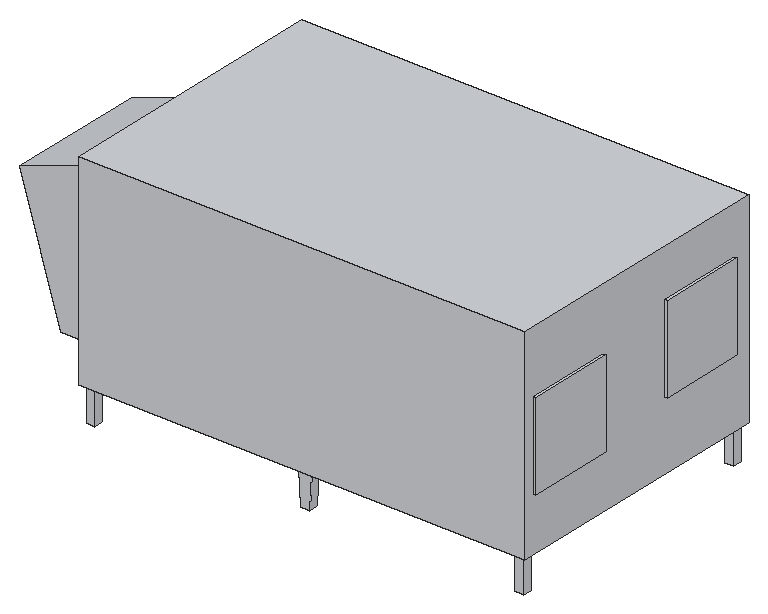
Revit family "Multi N DV6500N", category Mechanical Equipment, Revit 2013
Parameters
  Width mm = 2560 mm
  Warranty = "1 Year"
  Voltage Supply      Single Phase = "400v ac"
  Versatile positioning ,floor and ceiling susupended options = "Yes"
  Summer/Winter by-pass = "Yes"
  Summer By-pass = "Automatic 100%"
  Safety cut off switch Pressure sensors for filter monitoring = "Yes"
  Roof Top model = "Yes"
  Pre Heater = "option"
  Part number = "9041520"
  Model = "MULTI-N DV6500N"
  Meets Building regulations Pat L2A and L2B = "Yes"
  Max Air Volume  m3/hr = "7200"
  Lockable doors = "Yes"
  Interchangeable spigot connections = "Yes"
  Insulated Base Frame = "Yes"
  Humidity control (optional) = "Yes"
  Height mm = 1170 mm
  Heat Recovery = "<95%"
  Heat Exchanger = "Cross Counterflow"
  Frequency = "50Hz"
  Flow = 0.0 L/s
  Filter maintenance reminder = "Yes"
  Electronic control panel with LCD display = "Yes"
  EC motor for fine speed control and low SFP = "Yes"
  Double skinned insulated casing avoids thermal bridging = "Yes"
  Depth mm = 2500 mm
  Control Standard = "BMS/Internet"
  Control Optional .. = "Temperature"
  Control Optional . = "Co2"
  Control Optional = "Humidity"
  Carbon dioxide control (optional) = "Yes"
  Balanced supply and extract air ventilation with heat recovery = "Yes"
  BREEAM applicable = "Yes"
  Anti frost protection = "option"
  Air Filters = "M5 and F20"
  After Heater = "option"
  10 speed digital control and BMS and Internet control = "Yes"
Reference planes
  plane 1 "Center (Front/Back)": y = 0
  plane 2: z = 0
  plane 3 "Center (Left/Right)": x = 0
  plane 4: y = 802.5
  plane 5: y = -802.5
  plane 6: z = 1170
  plane 7: x = -1280
  plane 8: x = 1280
  plane 9: z = 315
  plane 10: y = 697.5
  plane 11: y = -745
  plane 12: y = -245
  plane 13: z = 815
  plane 14: z = 400
  plane 15: z = 200
  plane 16: z = 1144
  plane 17: z = 1144
  plane 18: x = -1670
  plane 19: z = 200
  plane 20: z = 1070
  plane 21: z = 890
  plane 22: z = -200
  plane 23: through (-39.715, -1524, 35.441) normal (0.9981, 0, 0.0624)
  plane 24: through (39.715, -1524, 35.441) normal (0.9981, 0, -0.0624)
  plane 25: y = 197.5
  plane 26: z = 900
  plane 27: y = -732.5
  plane 28: y = 67.5
  plane 29: z = 1095
  plane 30: z = 185
  plane 31: z = 958
  plane 32: through (-1325, -1524, 1095) normal (0.3314, 0, -0.9435)
  plane 33: x = -1436
  plane 34: through (-1481, -1524, 185) normal (-0.9571, 0, -0.2897)
  plane 35: y = 1302.5
  plane 36: x = -1215
  plane 37: x = -425
  plane 38: z = 1
  plane 39: z = 776
  plane 40: z = 526
  plane 41: y = 1052.5
  plane 42: through (0, 1302.5, 526) normal (0, 0.7071, 0.7071)
Forms (mm)
  Extrusion 1, solid
    sketch origin (0, 0, 0) x (1, 0, 0) y (0, 1, 0)
      loop
        line (-1280, 802.5) -> (-1280, -802.5) -> (1280, -802.5) -> (1280, 802.5) -> (-1280, 802.5)
    from 1170 to 0
  Extrusion 2, solid
    sketch origin (1280, 1696.758, 1200) x (0, 1, 0) y (0, 0, 1)
      loop
        line (-2424.258, -1200) -> (-2474.258, -1200) -> (-2474.258, -1400) -> (-2424.258, -1400) -> (-2424.258, -1200)
    from -2534.926 to -2485.041
  Extrusion 3, solid
    sketch origin (1280, -1696.758, 1200) x (0, -1, 0) y (0, 0, -1)
      loop
        line (-2424.494, 1200) -> (-2424.494, 1400) -> (-2474.258, 1400) -> (-2474.258, 1200) -> (-2424.494, 1200)
    from -2534.926 to -2485.041
  Extrusion 4, solid
    sketch origin (2.094, 0, 0) x (1, 0, 0) y (0, 0, 1)
      loop
        line (-25, -200) -> (25, -200) -> (37.5, 0) -> (-37.5, 0) -> (-25, -200)
    from -777.987 to -727.736
  Extrusion 5, solid
    sketch origin (0, 0, 0) x (1, 0, 0) y (0, 0, -1)
      loop
        line (-25, 200) -> (-37.5, 0) -> (37.5, 0) -> (25, 200) -> (-25, 200)
    from -777.5 to -727.5
  Extrusion 6, solid
    sketch origin (1280, 1696.758, 1200) x (0, 1, 0) y (0, 0, 1)
      loop
        line (-999.258, -800) -> (-999.258, -300) -> (-1499.258, -300) -> (-1499.258, -800) -> (-999.258, -800)
    from 0 to 20
  Extrusion 7, solid
    sketch origin (1280, 1696.758, 1200) x (0, 1, 0) y (0, 0, 1)
      loop
        line (-1941.758, -385) -> (-2441.758, -385) -> (-2441.758, -885) -> (-1941.758, -885) -> (-1941.758, -385)
    from 0 to 20
  Extrusion 8, solid
    sketch origin (-1280, 1696.758, 1200) x (0, 1, 0) y (0, 0, 1)
      loop
        line (-1629.258, -1015) -> (-1629.258, -105) -> (-2429.258, -105) -> (-2429.258, -1015) -> (-1629.258, -1015)
    from 0 to -390
  Extrusion 9, void
    sketch origin (-1156.683, -732.5, 1200) x (-1, 0, 0) y (0, 0, 1)
      loop
        line (123.317, -105) -> (513.317, -242) -> (513.317, -105) -> (123.317, -105)
    from 0 to 800
  Extrusion 10, void
    sketch origin (-1156.683, -732.5, 1200) x (-1, 0, 0) y (0, 0, 1)
      loop
        line (279.317, -1015) -> (513.317, -1015) -> (513.317, -242) -> (279.317, -1015)
    from 0 to 800
  Extrusion 11, solid
    sketch origin (-2124.117, 802.5, 1200) x (-1, 0, 0) y (0, 0, 1)
      loop
        line (-1699.117, -1199) -> (-909.117, -1199) -> (-909.117, -424) -> (-1699.117, -424) -> (-1699.117, -1199)
    from 0 to 500
  Extrusion 12, void
    sketch origin (-1215, 790.493, 1200) x (0, 1, 0) y (0, 0, 1)
      loop
        line (512.007, -424) -> (262.007, -424) -> (512.007, -674) -> (512.007, -424)
    from 0 to 790
  Extrusion 13, solid
    sketch origin (-1280, 1696.758, 1200) x (0, 1, 0) y (0, 0, -1)
      loop
        line (-2424.258, 1200) -> (-2424.258, 1400) -> (-2474.258, 1400) -> (-2474.258, 1200) -> (-2424.258, 1200)
    from -2534.926 to -2485.041
  Extrusion 14, solid
    sketch origin (-1280, -1696.758, 1200) x (0, -1, 0) y (0, 0, 1)
      loop
        line (-2424.494, -1200) -> (-2474.258, -1200) -> (-2474.258, -1400) -> (-2424.494, -1400) -> (-2424.494, -1200)
    from -2534.926 to -2485.041
Cuts and joins
  Extrusion 9, Extrusion 10 cuts Extrusion 8
  Extrusion 12 cuts Extrusion 11
Dimensions and locks
  equal spacing: plane 4, plane 1 "Center (Front/Back)", plane 5
  plane 4 to plane 5 = 1605 mm  (x2)
  Extrusion 1 to Extrusion 1 = 1170 mm
  plane 6 to plane 2 = 1170 mm
  equal spacing: plane 7, plane 3 "Center (Left/Right)", plane 8
  plane 7 to plane 8 = 2560 mm
  plane 10 to plane 4 = 105 mm
Automatic sketch dimensions
  Extrusion 1 sketch curve to plane 5 = 0 mm
  Extrusion 1 sketch curve to plane 7 = 0 mm
  Extrusion 1 sketch curve to plane 8 = 0 mm
  Extrusion 1 sketch curve to plane 4 = 0 mm
  Extrusion 2 sketch curve to level = 0 mm
  Extrusion 2 sketch curve to plane 22 = 0 mm
  plane 5 to Extrusion 2 sketch curve = 25 mm
  Extrusion 2 sketch curve to plane 27 = 5 mm
  Extrusion 3 sketch curve to level = 0 mm
  Extrusion 3 sketch curve to plane 22 = 0 mm
  Extrusion 3 sketch curve to plane 4 = 25 mm
  plane 10 to Extrusion 3 sketch curve = 30.236 mm
  Extrusion 4 sketch curve to level = 0 mm
  Extrusion 4 sketch curve to plane 22 = 0 mm
  plane 23 to Extrusion 4 sketch curve = 2.09 mm
  Extrusion 4 sketch curve to plane 3 "Center (Left/Right)" = 22.906 mm
  plane 3 "Center (Left/Right)" to Extrusion 4 sketch curve = 27.094 mm
  plane 3 "Center (Left/Right)" to Extrusion 4 sketch curve = 39.594 mm
  Extrusion 5 sketch curve to level = 0 mm
  Extrusion 5 sketch curve to plane 23 = 0 mm  (x2)
  Extrusion 5 sketch curve to plane 22 = 0 mm
  plane 24 to Extrusion 5 sketch curve = 0 mm  (x2)
  Extrusion 6 sketch curve to plane 14 = 0 mm
  Extrusion 6 sketch curve to plane 25 = 0 mm
  Extrusion 6 sketch curve to plane 10 = 0 mm
  Extrusion 6 sketch curve to plane 26 = 0 mm
  Extrusion 7 sketch curve to plane 11 = 0 mm
  Extrusion 7 sketch curve to plane 9 = 0 mm
  Extrusion 7 sketch curve to plane 12 = 0 mm
  Extrusion 7 sketch curve to plane 13 = 0 mm
  Extrusion 8 sketch curve to plane 27 = 0 mm
  Extrusion 8 sketch curve to plane 28 = 0 mm
  Extrusion 8 sketch curve to plane 30 = 0 mm
  Extrusion 8 sketch curve to plane 29 = 0 mm
  Extrusion 9 sketch curve to plane 7 = 0 mm
  Extrusion 9 sketch curve to plane 18 = 0 mm
  Extrusion 9 sketch curve to plane 31 = 0 mm
  Extrusion 9 sketch curve to plane 29 = 0 mm
  Extrusion 10 sketch curve to plane 30 = 0 mm
  Extrusion 10 sketch curve to plane 33 = 0 mm
  Extrusion 10 sketch curve to plane 18 = 0 mm
  Extrusion 10 sketch curve to plane 31 = 0 mm
  plane 37 to Extrusion 11 sketch curve = 0 mm
  plane 36 to Extrusion 11 sketch curve = 0 mm
  Extrusion 11 sketch curve to plane 38 = 0 mm
  Extrusion 11 sketch curve to plane 39 = 0 mm
  Extrusion 12 sketch curve to plane 39 = 0 mm
  Extrusion 12 sketch curve to plane 41 = 0 mm
  Extrusion 12 sketch curve to plane 35 = 0 mm
  Extrusion 12 sketch curve to plane 40 = 0 mm
  Extrusion 13 sketch curve to level = 0 mm
  Extrusion 13 sketch curve to plane 22 = 0 mm
  plane 5 to Extrusion 13 sketch curve = 25 mm
  Extrusion 13 sketch curve to plane 27 = 5 mm
  Extrusion 14 sketch curve to level = 0 mm
  Extrusion 14 sketch curve to plane 22 = 0 mm
  Extrusion 14 sketch curve to plane 4 = 25 mm
  plane 10 to Extrusion 14 sketch curve = 30.236 mm
Connectors
  hvac at (1300, 447.5, 650), driven by "Flow"
    settings: on Extrusion 6, index 1, duct flow 0.0 L/s, flow factor 0, pres drop 0.0 Pa, loss coef 0, conn angle 0.00°, conn width 500 mm, conn height 500 mm, conn radius 304.8 mm, duct sys type 1, conn prof type 1, flow config 0, flow direction 2, loss method 0, conn ref index -1, conn util no, is conn primary yes, conn desc ""
  hvac at (1300, -495, 565), driven by "Flow"
    settings: on Extrusion 7, index 2, duct flow 0.0 L/s, flow factor 0, pres drop 0.0 Pa, loss coef 0, conn angle 0.00°, conn width 500 mm, conn height 500 mm, conn radius 304.8 mm, duct sys type 2, conn prof type 1, flow config 0, flow direction 1, loss method 0, conn ref index -1, conn util no, is conn primary no, conn desc ""
  hvac at (-1553, -332.5, 571.5), driven by "Flow"
    settings: on cut or joined group of Extrusion 8, Extrusion 9, Extrusion 10, index 3, duct flow 0.0 L/s, flow factor 0, pres drop 0.0 Pa, loss coef 0, conn angle 0.00°, conn width 800 mm, conn height 800 mm, conn radius 304.8 mm, duct sys type 1, conn prof type 1, flow config 0, flow direction 1, loss method 0, conn ref index -1, conn util no, is conn primary no, conn desc ""
  hvac at (-820, 1302.5, 263.5), driven by "Flow"
    settings: on cut or joined group of Extrusion 11, Extrusion 12, index 4, duct flow 0.0 L/s, flow factor 0, pres drop 0.0 Pa, loss coef 0, conn angle 0.00°, conn width 790 mm, conn height 525 mm, conn radius 304.8 mm, duct sys type 3, conn prof type 1, flow config 0, flow direction 2, loss method 0, conn ref index -1, conn util no, is conn primary no, conn desc ""
